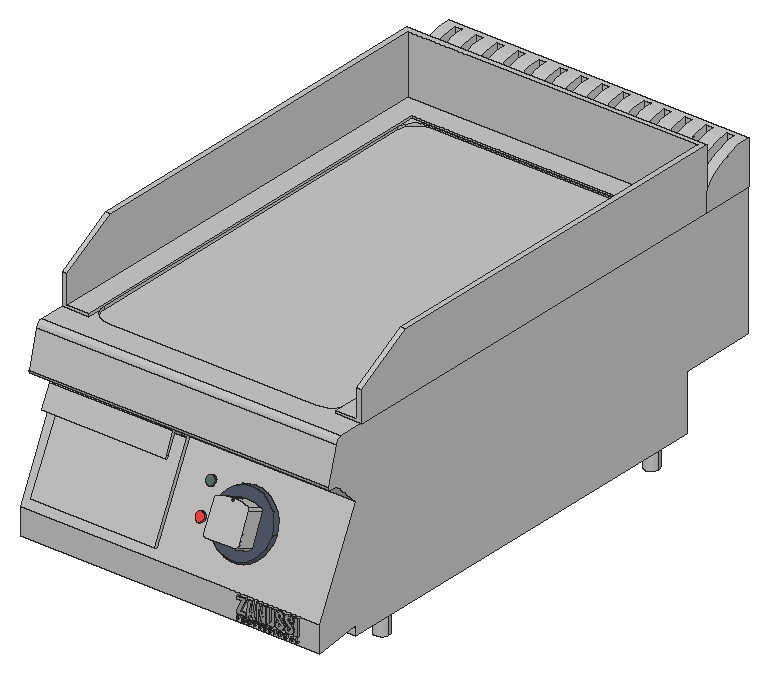
Revit family "QF_ZANUSSI_372325_Z7IIKDAOMCA", category Specialty Equipment, Revit 2018
Family settings
  Round Connector Dimension = Use Diameter
  Part Type = Normal
  Work Plane-Based = No
  Always vertical = Yes
  Cut with Voids When Loaded = No
  Shared = No
  Room Calculation Point = No
Parameters (values of type "Standard")
  Weight = 40.00 kg
  Watts = 0 W
  Volts = 400 V
  URL Manufacturer = "http://www.zanussiprofessional.com"
  URL = "http://www.zanussiprofessional.com"
  Steam Supply Size = 0"
  Steam Supply Minimum Pressure = 0.00 psi
  Steam Supply Maximum Pressure = 0.00 psi
  Steam Pounds per Hour = 0
  Show Logo [instance] = yes
  Show Clearance [instance] = yes
  Refrigeration Suction Line Size = 0"
  Refrigeration Liquid Line Size = 0"
  Refrigerant Compressor Remote = yes
  Phase = 3
  Model = "Z7IIKDAOMCA"
  Manufacturer = "Zanussi"
  Length Actual = 400 mm  # constant formula
  Item Number = "372325"
  Hot Water Size = 0"
  Height Actual = 250 mm  # constant formula
  HP = "5.6 HP"
  Gas Size = 0"
  Gas KW = 0
  Gas Input Pressure = 0.0 Btu/h
  Direct Waste Size = 0"
  Description = "ELECTRIC FRY TOP-SMOOTH PLATE 400MM-BRUSHED CHROME"
  Depth Actual = 700 mm  # constant formula
  Cycle = 60 Hz
  Condensate Return Size = 0"
  Compressed Air Volume = 0 GPM
  Compressed Air Size = 0"
  Compressed Air Pressure = 0.00 psi
  Cold Water Size = 0"
  Assembly Code = ""
  Accessory = yes
Reference planes
  plane 1 "BACK": y = 0
  plane 2: z = 0
  plane 3 "LEFT": x = 0
  plane 4 "RIGHT": x = 400
  plane 5 "FRONT": y = -715
  plane 6 "TOP": z = 288.925
  plane 7 "Center Y": x = 200
  plane 8 "Center X": y = -357.5
  plane 9 "BASE": z = 650
  plane 10 "TOP A": z = 900
  plane 11: y = -597.884
  plane 12: y = -147.637
  plane 13: z = 981
  plane 14: through (-6096, -715, 65.146) normal (0, 0.8956, -0.4448)
  plane 15 "panel": through (-6096, -655.161, 185.641) normal (0, -0.8956, 0.4448)
  plane 16: z = 900
Forms (mm)
  Extrusion 1, solid, material "QF_Finishes_Stainless Steel"
    sketch origin (0, 0, 626) x (0, 1, 0) y (0, 0, 1)
      loop
        line (0, 98) -> (0, 274) -> (-679.358, 274)
        arc (-679.358, 274) -> (-684.643, 271.811) -> (-686.833, 266.526) r 7.474
        line (-686.833, 266.526) -> (-699.884, 221.011)
        arc (-699.884, 221.011) -> (-699.396, 218.379) -> (-697, 217.184) r 3
        line (-697, 217.184) -> (-686.802, 217.184) -> (-654.982, 185.364) -> (-715, 64.508) -> (-715, 29.508) -> (-658.645, 37.428)
        arc (-658.645, 37.428) -> (-656.101, 36.674) -> (-655, 34.259) r 3.2
        line (-655, 34.259) -> (-655, 24) -> (-103, 24) -> (-103, 98) -> (0, 98)
    from 0 to 400
  Extrusion 2, void
    sketch origin (0, -2.381, 900) x (-1, 0, 0) y (0, -1, 0)
      loop
        arc (-60.425, 102.504) -> (-42.464, 109.943) -> (-35.025, 127.904) r 25.4
        line (-35.025, 127.904) -> (-35.025, 617.104)
        arc (-35.025, 617.104) -> (-42.464, 635.064) -> (-60.425, 642.504) r 25.4
        line (-60.425, 642.504) -> (-339.575, 642.504)
        arc (-339.575, 642.504) -> (-357.536, 635.064) -> (-364.975, 617.104) r 25.4
        line (-364.975, 617.104) -> (-364.975, 127.904)
        arc (-364.975, 127.904) -> (-357.536, 109.943) -> (-339.575, 102.504) r 25.4
        line (-339.575, 102.504) -> (-60.425, 102.504)
    from 0 to -3.2
  Extrusion 3, solid, material "QF_Finishes_Stainless Steel"
    sketch origin (0, 0, 626) x (1, 0, 0) y (0, 1, 0)
      loop
        circle (11.112, -147.638) r 9.525
      loop
        circle (11.112, -597.884) r 9.525
      loop
        circle (388.887, -147.638) r 9.525
      loop
        circle (388.887, -597.884) r 9.525
    from 0 to 24
  Extrusion 4, solid, material "QF_Finishes_Stainless Steel"
    sketch origin (0.4, -101.6, 103.694) x (0, 0, -1) y (-1, 0, 0)
      loop
        circle (-582.306, -347.613) r 12.7
    from 0 to 3.175
  Extrusion 5, solid, material "QF_Finishes_Clearance", visible <- "Show Clearance", detail levels coarse
    sketch origin (0, 0, 626) x (1, 0, 0) y (0, 1, 0)
      loop
        line (0, -715) -> (0, 0) -> (400, 0) -> (400, -715) -> (550.019, -715) -> (550.019, 150.019) -> (-150.019, 150.019) -> (-150.019, -715) -> (0, -715)
    from 0 to 355
  Extrusion 6, solid, material "QF_Finishes_Stainless Steel"
    sketch origin (0, -14.311, 626) x (0, 1, 0) y (0, 0, 1)
      loop
        line (-640.85, 185.828) -> (-659.988, 204.966)
        arc (-659.988, 204.966) -> (-664.455, 206.368) -> (-668.159, 203.504) r 5.058
        line (-668.159, 203.504) -> (-680.821, 175.994) -> (-677.937, 174.666) -> (-665.275, 202.176)
        arc (-665.275, 202.176) -> (-663.896, 203.243) -> (-662.233, 202.721) r 1.883
        line (-662.233, 202.721) -> (-644.727, 185.215) -> (-698.248, 77.444) -> (-695.339, 76.105) -> (-640.85, 185.828)
    from 12.7 to 177.8
  Extrusion 7, solid, material "QF_Finishes_Drawer Clearance", visible <- "Show Clearance", detail levels coarse
    sketch origin (0, -115.911, 626) x (0, 1, 0) y (0, 0, 1)
      loop
        line (-662.903, 76.105) -> (-593.739, 76.105) -> (-539.25, 185.828) -> (-558.388, 204.966)
        arc (-558.388, 204.966) -> (-560.449, 206.215) -> (-562.855, 206.368) r 5.058
        line (-562.855, 206.368) -> (-632.019, 206.368)
        arc (-632.019, 206.368) -> (-634.222, 205.39) -> (-635.723, 203.504) r 5.058
        line (-635.723, 203.504) -> (-648.385, 175.994) -> (-645.501, 174.666) -> (-632.839, 202.176)
        arc (-632.839, 202.176) -> (-631.46, 203.243) -> (-629.796, 202.721) r 1.883
        line (-629.796, 202.721) -> (-612.291, 185.215) -> (-665.811, 77.444) -> (-662.903, 76.105)
    from 12.7 to 177.8
  Extrusion 8, solid, material "QF_Finishes_Stainless Steel"
    sketch origin (0, 0, 626) x (0, 1, 0) y (0, 0, 1)
      loop
        line (0, 274) -> (0, 333.13)
        arc (0, 333.13) -> (-38.824, 324.814) -> (-69.85, 300.038) r 86.548
        line (-69.85, 300.038) -> (-69.85, 274) -> (0, 274)
    from 0 to 400.05
  Extrusion 9, void
    sketch origin (0, 0, 900.638) x (-1, 0, 0) y (0, -1, 0)
      loop
        line (-13.453, 6.761) -> (-13.453, 63.911) -> (-22.749, 63.911) -> (-22.749, 6.761) -> (-13.453, 6.761)
    from 25.4 to 63.5
  Extrusion 10, void
    sketch origin (400.05, 0, 900.638) x (1, 0, 0) y (0, 1, 0)
      loop
        line (-13.503, -6.761) -> (-22.799, -6.761) -> (-22.799, -63.911) -> (-13.503, -63.911) -> (-13.503, -6.761)
    from 25.4 to 63.5
  Extrusion 11, void
    sketch origin (27.988, 0, 900.638) x (-1, 0, 0) y (0, -1, 0)
      loop
        line (-13.453, 6.761) -> (-13.453, 63.911) -> (-22.749, 63.911) -> (-22.749, 6.761) -> (-13.453, 6.761)
    from 25.4 to 63.5
  Extrusion 12, void
    sketch origin (55.977, 0, 900.638) x (-1, 0, 0) y (0, -1, 0)
      loop
        line (-13.453, 6.761) -> (-13.453, 63.911) -> (-22.749, 63.911) -> (-22.749, 6.761) -> (-13.453, 6.761)
    from 25.4 to 63.5
  Extrusion 13, void
    sketch origin (83.965, 0, 900.638) x (-1, 0, 0) y (0, -1, 0)
      loop
        line (-13.428, 6.761) -> (-13.428, 63.911) -> (-22.724, 63.911) -> (-22.724, 6.761) -> (-13.428, 6.761)
    from 25.4 to 63.5
  Extrusion 14, void
    sketch origin (111.953, 0, 900.638) x (-1, 0, 0) y (0, -1, 0)
      loop
        line (-13.428, 6.761) -> (-13.428, 63.911) -> (-22.724, 63.911) -> (-22.724, 6.761) -> (-13.428, 6.761)
    from 25.4 to 63.5
  Extrusion 15, void
    sketch origin (139.942, 0, 900.638) x (-1, 0, 0) y (0, -1, 0)
      loop
        line (-13.428, 6.761) -> (-13.428, 63.911) -> (-22.724, 63.911) -> (-22.724, 6.761) -> (-13.428, 6.761)
    from 25.4 to 63.5
  Extrusion 16, void
    sketch origin (167.93, 0, 900.638) x (-1, 0, 0) y (0, -1, 0)
      loop
        line (-13.428, 6.761) -> (-13.428, 63.911) -> (-22.724, 63.911) -> (-22.724, 6.761) -> (-13.428, 6.761)
    from 25.4 to 63.5
  Extrusion 17, void
    sketch origin (195.918, 0, 900.638) x (-1, 0, 0) y (0, -1, 0)
      loop
        line (-13.428, 6.761) -> (-13.428, 63.911) -> (-22.724, 63.911) -> (-22.724, 6.761) -> (-13.428, 6.761)
    from 25.4 to 63.5
  Extrusion 18, void
    sketch origin (223.907, 0, 900.638) x (-1, 0, 0) y (0, -1, 0)
      loop
        line (-13.428, 6.761) -> (-13.428, 63.911) -> (-22.724, 63.911) -> (-22.724, 6.761) -> (-13.428, 6.761)
    from 25.4 to 63.5
  Extrusion 19, void
    sketch origin (251.895, 0, 900.638) x (-1, 0, 0) y (0, -1, 0)
      loop
        line (-13.428, 6.761) -> (-13.428, 63.911) -> (-22.724, 63.911) -> (-22.724, 6.761) -> (-13.428, 6.761)
    from 25.4 to 63.5
  Extrusion 20, void
    sketch origin (279.884, 0, 900.638) x (-1, 0, 0) y (0, -1, 0)
      loop
        line (-13.403, 6.761) -> (-13.403, 63.911) -> (-22.699, 63.911) -> (-22.699, 6.761) -> (-13.403, 6.761)
    from 25.4 to 63.5
  Extrusion 21, void
    sketch origin (307.872, 0, 900.638) x (-1, 0, 0) y (0, -1, 0)
      loop
        line (-13.403, 6.761) -> (-13.403, 63.911) -> (-22.699, 63.911) -> (-22.699, 6.761) -> (-13.403, 6.761)
    from 25.4 to 63.5
  Extrusion 22, void
    sketch origin (335.86, 0, 900.638) x (-1, 0, 0) y (0, -1, 0)
      loop
        line (-13.403, 6.761) -> (-13.403, 63.911) -> (-22.699, 63.911) -> (-22.699, 6.761) -> (-13.403, 6.761)
    from 25.4 to 63.5
  Sweep 23, solid, material "QF_Finishes_Stainless Steel"
    path origin (0, -2.381, 900) x (-1, 0, 0) y (0, -1, 0)
      loop
        line (-364.975, 642.504) -> (-364.975, 102.504) -> (-35.025, 102.504) -> (-35.025, 642.504)
    profile origin (35.025, -374.885, 900) x (1, 0, 0) y (0, 0, 1)
      loop
        line (-35.025, 0) -> (0, 0) -> (0, 3.175) -> (-28.675, 3.175) -> (-28.675, 81) -> (-35.025, 81) -> (-35.025, 0)
  Extrusion 24, void
    sketch origin (0, -69.86, 900) x (0, 1, 0) y (0, 0, 1)
      loop
        line (-575.025, 40.481) -> (-501.995, 81) -> (-575.025, 81) -> (-575.025, 40.481)
    from 0 to 6.35
  Extrusion 25, void
    sketch origin (400, -644.885, 900) x (0, -1, 0) y (0, 0, 1)
      loop
        line (0, 40.481) -> (0, 81) -> (-73.03, 81) -> (0, 40.481)
    from 0 to 6.35
  Blend 26, solid, material "QF_Finishes_Navy Blue"
    base sketch origin (275, -684.088, 753.392) x (1, 0, 0) y (0, 0.444781, 0.895639)
      loop
        circle (0, 0) r 42.5
    top sketch origin (275, -684.088, 753.392) x (1, 0, 0) y (0, 0.444781, 0.895639)
      loop
        circle (0, 0) r 40.5
    from 0 to 5
  Extrusion 27, solid, material "QF_Finishes_Stainless Steel"
    sketch origin (275, -684.088, 753.392) x (1, 0, 0) y (0, 0.444781, 0.895639)
      loop
        arc (-21.147, 22.789) -> (-22.494, 21.685) -> (-23, 20.019) r 2.997
        line (-23, 20.019) -> (-23, -20.019)
        arc (-23, -20.019) -> (-22.122, -22.138) -> (-20.003, -23.016) r 2.997
        line (-20.003, -23.016) -> (20.003, -23.016)
        arc (20.003, -23.016) -> (22.122, -22.138) -> (23, -20.019) r 2.997
        line (23, -20.019) -> (23, 20.019)
        arc (23, 20.019) -> (22.494, 21.685) -> (21.147, 22.789) r 2.997
        arc (21.147, 22.789) -> (0, 26.984) -> (-21.147, 22.789) r 55.4
    from 10 to 34
  Extrusion 28, solid, material "QF_Plastic-Black-Matte"
    sketch origin (355, -684.088, 753.392) x (0, 0.444781, 0.895639) y (0, -0.895639, 0.444781)
      loop
        line (26.984, 34) -> (26.984, 19) -> (27.984, 19) -> (27.984, 34)
        arc (27.984, 34) -> (27.691, 34.707) -> (26.984, 35) r 1
        line (26.984, 35) -> (23.984, 35) -> (23.984, 34) -> (26.984, 34)
    from -81 to -79
  Extrusion 29, solid, material "QF_Finishes_Red"
    sketch origin (275, -688.536, 744.436) x (1, 0, 0) y (0, 0.444781, 0.895639)
      loop
        circle (-55.001, 0) r 6
    from 0 to 1.6
  Extrusion 30, solid, material "QF_Finishes_Stainless Steel"
    sketch origin (275, -684.088, 753.392) x (1, 0, 0) y (0, 0.444781, 0.895639)
      loop
        line (17.5, 17.5) -> (-17.5, 17.5) -> (-17.5, -17.5) -> (17.5, -17.5) -> (17.5, 17.5)
    from 5 to 10
  Extrusion 31, solid, material "QF_Finishes_DarkGreen"
    sketch origin (275, -670.744, 780.262) x (1, 0, 0) y (0, 0.444781, 0.895639)
      loop
        circle (-55.001, 0) r 6
    from 0 to 1.6
Cuts and joins
  Extrusion 2 cuts Extrusion 1
  Extrusion 9, Extrusion 10, Extrusion 11, Extrusion 12, Extrusion 13, Extrusion 14, Extrusion 15, Extrusion 16, Extrusion 17, Extrusion 18, Extrusion 19, Extrusion 20, Extrusion 21, Extrusion 22 cuts Extrusion 8
  Extrusion 24, Extrusion 25 cuts Sweep 23
Lines and regions (mm)
  Split face 1
    outline origin (276.664, -683.893, 765.026) x (1, 0, 0) y (0, 0.444781, 0.895639)
      loop
        circle (-34, 0) r 1.5
  Split face 2
    outline origin (273.297, -686.678, 759.419) x (1, 0, 0) y (0, 0.444781, 0.895639)
      loop
        circle (-30.633, -14.752) r 1.5
  Split face 3
    outline origin (276.214, -688.977, 754.788) x (1, 0, 0) y (0, 0.444781, 0.895639)
      loop
        circle (-21.199, -26.582) r 1.5
  Split face 4
    outline origin (282.566, -688.945, 754.853) x (1, 0, 0) y (0, 0.444781, 0.895639)
      loop
        circle (-7.566, -33.148) r 1.5
  Split face 5
    outline origin (287.419, -686.057, 760.669) x (1, 0, 0) y (0, 0.444781, 0.895639)
      loop
        circle (7.566, -33.148) r 1.5
  Split face 6
    outline origin (286.137, -681.416, 770.014) x (1, 0, 0) y (0, 0.444781, 0.895639)
      loop
        circle (21.199, -26.582) r 1.5
  Split face 7
    outline origin (276.5, -677.361, 778.18) x (1, 0, 0) y (0, 0.444781, 0.895639)
      loop
        circle (30.633, -14.752) r 1.5
  Split face 8
    outline origin (260.985, -676.331, 780.252) x (1, 0, 0) y (0, 0.444781, 0.895639)
      loop
        circle (34, 0) r 1.5
  Split face 9
    outline origin (275, -688.566, 755.616) x (1, 0, 0) y (0, 0.444781, 0.895639)
      loop
        circle (0, 33.561) r 1.5
  symbolic lines, style "QF-Clearances", visible <- "Show Clearance", detail levels coarse
    curve 1: line (-150.019, 150.019, 900) -> (-150.019, -715, 900)
    curve 2: line (550.019, 150.019, 900) -> (-150.019, 150.019, 900)
    curve 3: line (550.019, -716.377, 900) -> (550.019, 150.019, 900)
  symbolic lines
    curve 4: line (0, 0, 900) -> (400, 0, 900)
    curve 5: line (0, -715, 900) -> (0, 0, 900)
    curve 6: line (400, 0, 900) -> (400, -715, 900)
    curve 7: line (35.025, -130.285, 900) -> (35.025, -644.885, 900)
    curve 8: arc (35.025, -619.485, 900) -> (42.464, -637.445, 900) -> (60.425, -644.885, 900) r 25.4
    curve 9: line (0, -644.885, 900) -> (35.025, -644.885, 900)
    curve 10: arc (339.575, -644.885, 900) -> (357.536, -637.445, 900) -> (364.975, -619.485, 900) r 25.4
    curve 11: line (364.975, -644.885, 900) -> (364.975, -130.285, 900)
    curve 12: line (339.575, -104.885, 900) -> (60.425, -104.885, 900)
    curve 13: line (0, -69.85, 900) -> (400, -69.85, 900)
    curve 14: arc (60.425, -104.885, 900) -> (42.464, -112.324, 900) -> (35.025, -130.285, 900) r 25.4
    curve 15: arc (339.575, -104.885, 900) -> (357.536, -112.324, 900) -> (364.975, -130.285, 900) r 25.4
    curve 16: line (6.35, -76.21, 900) -> (6.35, -644.885, 900)
    curve 17: line (6.35, -76.21, 900) -> (393.65, -76.21, 900)
    curve 18: line (393.65, -76.21, 900) -> (393.65, -644.885, 900)
    curve 19: line (13.428, -6.761, 900) -> (22.724, -6.761, 900)
    curve 20: line (13.428, -63.911, 900) -> (13.428, -6.761, 900)
    curve 21: line (22.724, -63.911, 900) -> (13.428, -63.911, 900)
    curve 22: line (22.724, -6.761, 900) -> (22.724, -63.911, 900)
    curve 23: line (41.416, -6.761, 900) -> (50.712, -6.761, 900)
    curve 24: line (41.416, -63.911, 900) -> (41.416, -6.761, 900)
    curve 25: line (50.712, -63.911, 900) -> (41.416, -63.911, 900)
    curve 26: line (50.712, -6.761, 900) -> (50.712, -63.911, 900)
    curve 27: line (69.405, -6.761, 900) -> (78.7, -6.761, 900)
    curve 28: line (69.405, -63.911, 900) -> (69.405, -6.761, 900)
    curve 29: line (78.7, -63.911, 900) -> (69.405, -63.911, 900)
    curve 30: line (78.7, -6.761, 900) -> (78.7, -63.911, 900)
    curve 31: line (97.393, -6.761, 900) -> (106.689, -6.761, 900)
    curve 32: line (97.393, -63.911, 900) -> (97.393, -6.761, 900)
    curve 33: line (106.689, -63.911, 900) -> (97.393, -63.911, 900)
    curve 34: line (106.689, -6.761, 900) -> (106.689, -63.911, 900)
    curve 35: line (125.381, -6.761, 900) -> (134.677, -6.761, 900)
    curve 36: line (125.381, -63.911, 900) -> (125.381, -6.761, 900)
    curve 37: line (134.677, -63.911, 900) -> (125.381, -63.911, 900)
    curve 38: line (134.677, -6.761, 900) -> (134.677, -63.911, 900)
    curve 39: line (153.37, -6.761, 900) -> (162.665, -6.761, 900)
    curve 40: line (153.37, -63.911, 900) -> (153.37, -6.761, 900)
    curve 41: line (162.665, -63.911, 900) -> (153.37, -63.911, 900)
    curve 42: line (162.665, -6.761, 900) -> (162.665, -63.911, 900)
    curve 43: line (181.358, -6.761, 900) -> (190.654, -6.761, 900)
    curve 44: line (181.358, -63.911, 900) -> (181.358, -6.761, 900)
    curve 45: line (190.654, -63.911, 900) -> (181.358, -63.911, 900)
    curve 46: line (190.654, -6.761, 900) -> (190.654, -63.911, 900)
    curve 47: line (209.346, -6.761, 900) -> (218.642, -6.761, 900)
    curve 48: line (209.346, -63.911, 900) -> (209.346, -6.761, 900)
    curve 49: line (218.642, -63.911, 900) -> (209.346, -63.911, 900)
    curve 50: line (218.642, -6.761, 900) -> (218.642, -63.911, 900)
    curve 51: line (237.31, -6.761, 900) -> (246.605, -6.761, 900)
    curve 52: line (237.31, -63.911, 900) -> (237.31, -6.761, 900)
    curve 53: line (246.605, -63.911, 900) -> (237.31, -63.911, 900)
    curve 54: line (246.605, -6.761, 900) -> (246.605, -63.911, 900)
    curve 55: line (265.298, -6.761, 900) -> (274.594, -6.761, 900)
    curve 56: line (265.298, -63.911, 900) -> (265.298, -6.761, 900)
    curve 57: line (274.594, -63.911, 900) -> (265.298, -63.911, 900)
    curve 58: line (274.594, -6.761, 900) -> (274.594, -63.911, 900)
    curve 59: line (293.286, -6.761, 900) -> (302.582, -6.761, 900)
    curve 60: line (293.286, -63.911, 900) -> (293.286, -6.761, 900)
    curve 61: line (302.582, -63.911, 900) -> (293.286, -63.911, 900)
    curve 62: line (302.582, -6.761, 900) -> (302.582, -63.911, 900)
    curve 63: line (321.275, -6.761, 900) -> (330.57, -6.761, 900)
    curve 64: line (321.275, -63.911, 900) -> (321.275, -6.761, 900)
    curve 65: line (330.57, -63.911, 900) -> (321.275, -63.911, 900)
    curve 66: line (330.57, -6.761, 900) -> (330.57, -63.911, 900)
    curve 67: line (349.263, -6.761, 900) -> (358.559, -6.761, 900)
    curve 68: line (349.263, -63.911, 900) -> (349.263, -6.761, 900)
    curve 69: line (358.559, -63.911, 900) -> (349.263, -63.911, 900)
    curve 70: line (358.559, -6.761, 900) -> (358.559, -63.911, 900)
    curve 71: line (377.251, -6.761, 900) -> (386.547, -6.761, 900)
    curve 72: line (377.251, -63.911, 900) -> (377.251, -6.761, 900)
    curve 73: line (386.547, -63.911, 900) -> (377.251, -63.911, 900)
    curve 74: line (386.547, -6.761, 900) -> (386.547, -63.911, 900)
    curve 75: line (364.975, -644.885, 900) -> (400, -644.885, 900)
    curve 76: line (60.425, -644.885, 900) -> (339.575, -644.885, 900)
    curve 80: line (0.05, -700, 0) -> (400, -700, 0)
    curve 81: line (298.025, -700, 0) -> (298.025, -724.347, 0)
    curve 82: arc (298.025, -724.347, 0) -> (297.879, -724.811, 0) -> (297.493, -725.107, 0) r 0.809
    curve 83: arc (297.493, -725.107, 0) -> (296.305, -725.587, 0) -> (295.028, -725.68, 0) r 4.127
    curve 84: arc (298.025, -704.292, 0) -> (303.066, -702.458, 0) -> (307.834, -700, 0) r 42.24
    curve 85: arc (298.025, -706.539, 0) -> (297.523, -705.818, 0) -> (296.726, -705.448, 0) r 1.682
    curve 86: arc (296.726, -705.448, 0) -> (286.423, -703.95, 0) -> (276.025, -703.441, 0) r 109.079
    curve 87: line (276.025, -700, 0) -> (276.025, -705.671, 0)
    curve 88: line (276.025, -705.671, 0) -> (274.025, -705.671, 0)
    curve 89: line (274.025, -705.671, 0) -> (274.025, -700, 0)
    curve 90: line (252.025, -700, 0) -> (252.025, -724.347, 0)
    curve 91: arc (252.025, -724.347, 0) -> (252.171, -724.811, 0) -> (252.557, -725.107, 0) r 0.809
    curve 92: arc (252.557, -725.107, 0) -> (253.745, -725.587, 0) -> (255.022, -725.68, 0) r 4.127
    curve 93: arc (252.025, -704.292, 0) -> (246.984, -702.458, 0) -> (242.216, -700, 0) r 42.24
    curve 94: arc (252.025, -706.539, 0) -> (252.527, -705.818, 0) -> (253.324, -705.448, 0) r 1.682
    curve 95: arc (253.324, -705.448, 0) -> (263.627, -703.95, 0) -> (274.025, -703.441, 0) r 109.079
    curve 96: line (295.028, -725.68, 0) -> (255.022, -725.68, 0)
    curve 97: line (0, -715, 0) -> (252.025, -715, 0)
    curve 98: line (298.025, -715, 0) -> (400, -715, 0)
    curve 99: line (12.7, -715, 0) -> (12.7, -700, 0)
    curve 100: line (177.775, -715, 0) -> (177.775, -700, 0)
  symbolic lines, style "QF_Drawer Clearance"
    curve 77: line (12.7, -715, 0) -> (12.7, -767.387, 0)
    curve 78: line (12.7, -767.388, 0) -> (177.775, -767.388, 0)
    curve 79: line (177.775, -767.388, 0) -> (177.775, -715, 0)
Dimensions and locks
  equal spacing: plane 3 "LEFT", plane 7 "Center Y", plane 4 "RIGHT"
  plane 3 "LEFT" to plane 4 "RIGHT" = 400 mm
  equal spacing: plane 5 "FRONT", plane 8 "Center X", plane 1 "BACK"
  plane 5 "FRONT" to plane 1 "BACK" = 715 mm
  plane 1 "BACK" to plane 5 "FRONT" = 715 mm
  plane 9 "BASE" to level = 650 mm  (x2)
  plane 10 "TOP A" to plane 9 "BASE" = 250 mm  (x2)
  Sweep 23 sketch curve to level = 981 mm
  plane 13 to level = 981 mm
  plane 16 to level = 900 mm
  aligned and locked: level to plane 2
  aligned and locked: plane 4 "RIGHT" to Extrusion 1
  aligned and locked: plane 9 "BASE" to Extrusion 3
  aligned: plane 6 "TOP" to Extrusion 5
  aligned and locked: Extrusion 5 to plane 13
Automatic sketch dimensions
  plane 1 "BACK" to Extrusion 13 sketch curve = 6.761 mm
  Extrusion 13 sketch curve to plane 7 "Center Y" = 93.311 mm
  Extrusion 13 sketch curve to Extrusion 13 sketch curve = 9.296 mm
  Extrusion 13 sketch curve to Extrusion 13 sketch curve = 57.15 mm
  plane 1 "BACK" to Extrusion 14 sketch curve = 6.761 mm
  Extrusion 14 sketch curve to plane 7 "Center Y" = 65.323 mm
  Extrusion 14 sketch curve to Extrusion 14 sketch curve = 9.296 mm
  Extrusion 14 sketch curve to Extrusion 14 sketch curve = 57.15 mm
  plane 1 "BACK" to Extrusion 15 sketch curve = 6.761 mm
  Extrusion 15 sketch curve to plane 7 "Center Y" = 37.335 mm
  Extrusion 15 sketch curve to Extrusion 15 sketch curve = 9.296 mm
  Extrusion 15 sketch curve to Extrusion 15 sketch curve = 57.15 mm
  Extrusion 16 sketch curve to plane 7 "Center Y" = 9.346 mm
  Extrusion 16 sketch curve to Extrusion 16 sketch curve = 9.296 mm
  plane 1 "BACK" to Extrusion 16 sketch curve = 6.761 mm
  Extrusion 16 sketch curve to Extrusion 16 sketch curve = 57.15 mm
  plane 1 "BACK" to Extrusion 17 sketch curve = 6.761 mm
  plane 7 "Center Y" to Extrusion 17 sketch curve = 18.642 mm
  Extrusion 17 sketch curve to Extrusion 17 sketch curve = 9.296 mm
  Extrusion 17 sketch curve to Extrusion 17 sketch curve = 57.15 mm
  plane 1 "BACK" to Extrusion 18 sketch curve = 6.761 mm
  plane 7 "Center Y" to Extrusion 18 sketch curve = 46.63 mm
  Extrusion 18 sketch curve to Extrusion 18 sketch curve = 9.296 mm
  Extrusion 18 sketch curve to Extrusion 18 sketch curve = 57.15 mm
  plane 1 "BACK" to Extrusion 19 sketch curve = 6.761 mm
  plane 7 "Center Y" to Extrusion 19 sketch curve = 74.619 mm
  Extrusion 19 sketch curve to Extrusion 19 sketch curve = 9.296 mm
  Extrusion 19 sketch curve to Extrusion 19 sketch curve = 57.15 mm
  Extrusion 2 sketch curve to plane 4 "RIGHT" = 35.025 mm
  Extrusion 2 sketch curve to Extrusion 2 sketch curve = 25.4 mm  (x3)
  Extrusion 2 sketch curve to plane 12 = 17.353 mm
  plane 3 "LEFT" to Extrusion 2 sketch curve = 60.425 mm  (x2)
  plane 11 to Extrusion 2 sketch curve = 21.6 mm
  plane 11 to Extrusion 3 sketch curve = 0 mm  (x2)
  plane 12 to Extrusion 3 sketch curve = 0 mm  (x2)
  plane 3 "LEFT" to Extrusion 3 sketch curve = 11.112 mm  (x2)
  Extrusion 3 sketch curve to plane 4 "RIGHT" = 11.113 mm  (x2)
  plane 1 "BACK" to Extrusion 5 sketch curve = 0 mm
  Extrusion 5 sketch curve to plane 3 "LEFT" = 0 mm
  Extrusion 5 sketch curve to plane 4 "RIGHT" = 0 mm
  Extrusion 5 sketch curve to plane 3 "LEFT" = 150.019 mm
  plane 5 "FRONT" to Extrusion 5 sketch curve = 0 mm  (x2)
  plane 4 "RIGHT" to Extrusion 5 sketch curve = 150.019 mm
  Extrusion 5 sketch curve to plane 1 "BACK" = 150.019 mm
  plane 1 "BACK" to curve 5 = 0 mm
  plane 4 "RIGHT" to curve 3 = 150.019 mm
  curve 18 to plane 4 "RIGHT" = 6.35 mm
  curve 74 to plane 4 "RIGHT" = 13.453 mm
  curve 73 to curve 73 = 9.296 mm
  curve 15 to plane 4 "RIGHT" = 35.025 mm
  plane 1 "BACK" to curve 70 = 6.761 mm
  curve 71 to curve 70 = 18.693 mm
  curve 67 to curve 68 = 9.296 mm
  curve 15 to curve 15 = 25.4 mm
  curve 68 to curve 66 = 18.693 mm
  curve 63 to curve 63 = 9.296 mm
  curve 64 to curve 62 = 18.693 mm
  curve 61 to curve 61 = 9.296 mm
  curve 60 to curve 58 = 18.693 mm
  curve 55 to curve 56 = 9.296 mm
  plane 1 "BACK" to curve 51 = 6.761 mm
  curve 55 to curve 51 = 18.693 mm
  curve 53 to curve 53 = 9.296 mm
  plane 1 "BACK" to curve 50 = 6.761 mm
  plane 7 "Center Y" to curve 50 = 18.642 mm
  curve 49 to curve 49 = 9.296 mm
  curve 46 to plane 7 "Center Y" = 9.346 mm
  curve 43 to curve 44 = 9.296 mm
  plane 1 "BACK" to curve 39 = 6.761 mm
  curve 43 to curve 39 = 18.693 mm
  curve 39 to curve 40 = 9.296 mm
  curve 40 to curve 38 = 18.693 mm
  curve 37 to curve 36 = 9.296 mm
  curve 36 to curve 33 = 18.693 mm
  curve 31 to curve 32 = 9.296 mm
  curve 32 to curve 30 = 18.693 mm
  curve 29 to curve 28 = 9.296 mm
  curve 14 to plane 12 = 17.353 mm
  plane 3 "LEFT" to curve 14 = 60.425 mm
  curve 28 to curve 25 = 18.693 mm
  curve 25 to curve 25 = 9.296 mm
  plane 1 "BACK" to curve 19 = 6.761 mm
  curve 23 to curve 19 = 18.693 mm
  curve 19 to curve 20 = 9.296 mm
  plane 3 "LEFT" to curve 16 = 6.35 mm
  plane 5 "FRONT" to curve 1 = 0 mm
  curve 1 to plane 3 "LEFT" = 150.019 mm
  curve 2 to plane 1 "BACK" = 150.019 mm
  plane 1 "BACK" to curve 71 = 6.761 mm
  plane 1 "BACK" to curve 66 = 6.761 mm
  plane 1 "BACK" to curve 62 = 6.761 mm
  plane 1 "BACK" to curve 58 = 6.761 mm
  plane 1 "BACK" to curve 46 = 6.761 mm
  plane 1 "BACK" to curve 38 = 6.761 mm
  plane 1 "BACK" to curve 34 = 6.761 mm
  plane 1 "BACK" to curve 30 = 6.761 mm
  plane 1 "BACK" to curve 23 = 6.761 mm
  curve 25 to curve 14 = 40.974 mm
  curve 22 to curve 24 = 0 mm
  curve 25 to curve 28 = 0 mm
  curve 73 to curve 12 = 40.974 mm
  curve 29 to curve 32 = 0 mm
  curve 70 to curve 72 = 0 mm
  curve 33 to curve 36 = 0 mm
  curve 66 to curve 68 = 0 mm
  curve 37 to curve 40 = 0 mm
  curve 62 to curve 64 = 0 mm
  curve 41 to curve 44 = 0 mm
  curve 58 to curve 60 = 0 mm
  curve 45 to curve 48 = 0 mm
  curve 54 to curve 56 = 0 mm
  curve 73 to curve 13 = 5.939 mm
  curve 13 to curve 17 = 6.36 mm
  plane 11 to curve 10 = 21.6 mm
  plane 5 "FRONT" to curve 3 = 1.377 mm
  Extrusion 8 sketch curve to plane 10 "TOP A" = 0 mm
  Extrusion 8 sketch curve to plane 1 "BACK" = 0 mm
  plane 1 "BACK" to Extrusion 8 sketch curve = 1.769 mm
  plane 6 "TOP" to Extrusion 8 sketch curve = 637.113 mm
  plane 1 "BACK" to Extrusion 8 sketch curve = 69.85 mm
  Extrusion 8 sketch curve to plane 10 "TOP A" = 27.4 mm
  plane 1 "BACK" to Extrusion 9 sketch curve = 6.761 mm
  plane 3 "LEFT" to Extrusion 9 sketch curve = 22.749 mm
  Extrusion 9 sketch curve to Extrusion 9 sketch curve = 9.296 mm
  Extrusion 9 sketch curve to Extrusion 9 sketch curve = 57.15 mm
  Extrusion 10 sketch curve to plane 1 "BACK" = 6.761 mm
  plane 4 "RIGHT" to Extrusion 10 sketch curve = 22.749 mm
  Extrusion 10 sketch curve to Extrusion 10 sketch curve = 9.296 mm
  Extrusion 10 sketch curve to Extrusion 10 sketch curve = 57.15 mm
  plane 1 "BACK" to Extrusion 11 sketch curve = 6.761 mm
  plane 3 "LEFT" to Extrusion 11 sketch curve = 50.737 mm
  Extrusion 11 sketch curve to Extrusion 11 sketch curve = 9.296 mm
  Extrusion 11 sketch curve to Extrusion 11 sketch curve = 57.15 mm
  plane 1 "BACK" to Extrusion 12 sketch curve = 6.761 mm
  plane 3 "LEFT" to Extrusion 12 sketch curve = 78.725 mm
  Extrusion 12 sketch curve to Extrusion 12 sketch curve = 9.296 mm
  Extrusion 12 sketch curve to Extrusion 12 sketch curve = 57.15 mm
  plane 1 "BACK" to Extrusion 20 sketch curve = 6.761 mm
  Extrusion 20 sketch curve to plane 4 "RIGHT" = 97.418 mm
  Extrusion 20 sketch curve to Extrusion 20 sketch curve = 9.296 mm
  Extrusion 20 sketch curve to Extrusion 20 sketch curve = 57.15 mm
  plane 1 "BACK" to Extrusion 21 sketch curve = 6.761 mm
  Extrusion 21 sketch curve to plane 4 "RIGHT" = 69.43 mm
  Extrusion 21 sketch curve to Extrusion 21 sketch curve = 9.296 mm
  Extrusion 21 sketch curve to Extrusion 21 sketch curve = 57.15 mm
  plane 1 "BACK" to Extrusion 22 sketch curve = 6.761 mm
  Extrusion 22 sketch curve to plane 4 "RIGHT" = 41.441 mm
  Extrusion 22 sketch curve to Extrusion 22 sketch curve = 9.296 mm
  Extrusion 22 sketch curve to Extrusion 22 sketch curve = 57.15 mm
  Sweep 23 sketch curve to plane 4 "RIGHT" = 35.025 mm
  plane 3 "LEFT" to Sweep 23 sketch curve = 35.025 mm
  Sweep 23 sketch curve to plane 12 = 42.753 mm
  plane 11 to Sweep 23 sketch curve = 47 mm  (x2)
  Sweep 23 sketch curve to plane 10 "TOP A" = 0 mm
  profile plane to Sweep 23 sketch curve = 0 mm
  profile plane to Sweep 23 sketch curve = 28.675 mm
  Sweep 23 sketch curve to Sweep 23 sketch curve = 6.35 mm
  plane 10 "TOP A" to Sweep 23 sketch curve = 3.175 mm
  Extrusion 24 sketch curve to Sweep 23 = 0 mm  (x2)
  Extrusion 24 sketch curve to Extrusion 24 sketch curve = 73.03 mm
  Extrusion 24 sketch curve to Sweep 23 = 40.481 mm
  Sweep 23 to Extrusion 25 sketch curve = 0 mm
  Extrusion 25 sketch curve to Sweep 23 = 0 mm
  Extrusion 25 sketch curve to Extrusion 25 sketch curve = 73.03 mm
  Extrusion 25 sketch curve to Sweep 23 = 40.481 mm
  plane 11 to curve 8 = 21.6 mm
  curve 10 to curve 11 = 25.4 mm
  curve 16 to curve 76 = 0 mm
  curve 75 to curve 76 = 25.4 mm
  curve 14 to curve 14 = 25.4 mm
  Extrusion 6 sketch curve to Extrusion 6 sketch curve = 0 mm  (x2)
  Extrusion 6 sketch curve to plane 5 "FRONT" = 2.441 mm
  Extrusion 6 sketch curve to plane 5 "FRONT" = 19.868 mm
  Extrusion 6 sketch curve to Extrusion 6 sketch curve = 2.884 mm  (x2)
  Extrusion 6 sketch curve to Extrusion 6 sketch curve = 12.662 mm
  Extrusion 6 sketch curve to Extrusion 6 sketch curve = 1.711 mm
  Extrusion 6 sketch curve to Extrusion 6 sketch curve = 1.332 mm
  Extrusion 6 sketch curve to Extrusion 6 sketch curve = 2.245 mm
  Extrusion 6 sketch curve to Extrusion 6 sketch curve = 17.505 mm
  plane 9 "BASE" to Extrusion 6 sketch curve = 52.105 mm
  Extrusion 6 sketch curve to Extrusion 6 sketch curve = 1.339 mm
  Extrusion 6 sketch curve to Extrusion 6 sketch curve = 10.549 mm
  Extrusion 6 sketch curve to Extrusion 6 sketch curve = 1.327 mm
  Extrusion 6 sketch curve to Extrusion 6 sketch curve = 0.787 mm
  Extrusion 6 sketch curve to Extrusion 6 sketch curve = 0.613 mm
  Extrusion 6 sketch curve to Extrusion 6 sketch curve = 97.223 mm
  Extrusion 6 sketch curve to Extrusion 6 sketch curve = 2.908 mm
  Extrusion 6 sketch curve to Extrusion 6 sketch curve = 3.877 mm
  Extrusion 7 sketch curve to Extrusion 7 sketch curve = 0 mm  (x2)
  plane 5 "FRONT" to Extrusion 7 sketch curve = 66.723 mm
  Extrusion 7 sketch curve to Extrusion 7 sketch curve = 2.908 mm
  plane 5 "FRONT" to Extrusion 7 sketch curve = 49.296 mm
  Extrusion 7 sketch curve to Extrusion 7 sketch curve = 2.884 mm  (x2)
  Extrusion 7 sketch curve to Extrusion 7 sketch curve = 12.662 mm
  Extrusion 7 sketch curve to Extrusion 7 sketch curve = 0.82 mm
  Extrusion 7 sketch curve to Extrusion 7 sketch curve = 1.711 mm
  Extrusion 7 sketch curve to Extrusion 7 sketch curve = 1.332 mm
  plane 5 "FRONT" to Extrusion 7 sketch curve = 13.202 mm
  Extrusion 7 sketch curve to plane 5 "FRONT" = 5.349 mm
  Extrusion 7 sketch curve to plane 5 "FRONT" = 37.125 mm
  Extrusion 7 sketch curve to Extrusion 7 sketch curve = 3.577 mm
  Extrusion 7 sketch curve to Extrusion 7 sketch curve = 19.137 mm
  plane 9 "BASE" to Extrusion 7 sketch curve = 52.105 mm
  Extrusion 7 sketch curve to Extrusion 7 sketch curve = 1.339 mm
  Extrusion 7 sketch curve to Extrusion 7 sketch curve = 97.223 mm
  Extrusion 7 sketch curve to Extrusion 7 sketch curve = 1.327 mm
  Extrusion 7 sketch curve to Extrusion 7 sketch curve = 16.961 mm
  Extrusion 7 sketch curve to Extrusion 7 sketch curve = 0.613 mm
  Extrusion 7 sketch curve to Extrusion 7 sketch curve = 0.787 mm
  Extrusion 7 sketch curve to Extrusion 7 sketch curve = 1.402 mm
  Extrusion 7 sketch curve to Extrusion 7 sketch curve = 4.467 mm
  curve 6 to plane 4 "RIGHT" = 0 mm
  curve 5 to plane 3 "LEFT" = 0 mm
  plane 5 "FRONT" to curve 5 = 0 mm
  plane 5 "FRONT" to curve 6 = 0 mm
  curve 97 to plane 3 "LEFT" = 0 mm
  plane 5 "FRONT" to curve 100 = 0 mm
  plane 5 "FRONT" to curve 98 = 0 mm
  curve 80 to plane 4 "RIGHT" = 0 mm
  curve 98 to plane 4 "RIGHT" = 0 mm
  plane 3 "LEFT" to curve 78 = 12.7 mm
  curve 79 to plane 7 "Center Y" = 22.225 mm
  plane 5 "FRONT" to curve 90 = 9.347 mm
  plane 7 "Center Y" to curve 90 = 52.025 mm
  curve 91 to curve 91 = 0.809 mm
  curve 94 to curve 94 = 1.583 mm
  curve 91 to curve 92 = 1.846 mm
  curve 91 to curve 96 = 2.189 mm
  curve 90 to curve 93 = 11.892 mm
  curve 89 to plane 5 "FRONT" = 9.329 mm
  curve 94 to curve 89 = 20.417 mm
  plane 7 "Center Y" to curve 95 = 74.156 mm
  curve 95 to curve 86 = 1.738 mm
  curve 88 to curve 88 = 2 mm
  curve 93 to curve 84 = 22.215 mm
  curve 87 to curve 96 = 19.003 mm
  curve 83 to curve 83 = 0.343 mm
  curve 83 to curve 85 = 1.071 mm
  curve 83 to curve 82 = 2.189 mm
  curve 82 to curve 81 = 0.809 mm
  plane 5 "FRONT" to curve 96 = 10.68 mm
  curve 77 to curve 77 = 52.388 mm
  curve 86 to curve 96 = 86.839 mm
  curve 95 to curve 86 = 0 mm
  curve 83 to curve 81 = 1.333 mm
  curve 82 to curve 83 = 2.779 mm
  curve 91 to curve 92 = 2.779 mm
  curve 85 to plane 5 "FRONT" = 7.894 mm
  curve 94 to plane 5 "FRONT" = 7.894 mm
  curve 93 to curve 84 = 0 mm
  plane 3 "LEFT" to curve 80 = 0.05 mm
  curve 99 to curve 77 = 0 mm
  curve 100 to curve 79 = 0 mm
  curve 93 to curve 90 = 9.809 mm
  curve 95 to curve 94 = 0.284 mm
  curve 85 to curve 86 = 0.284 mm
  curve 81 to curve 84 = 9.809 mm
  curve 85 to curve 85 = 0.567 mm
  curve 94 to curve 94 = 0.567 mm
  curve 95 to curve 93 = 1.156 mm
  curve 100 to curve 100 = 15 mm
  Extrusion 1 sketch curve to plane 8 "Center X" = 357.5 mm
  Extrusion 1 sketch curve to plane 13 = 133.989 mm
  Extrusion 1 sketch curve to plane 8 "Center X" = 342.384 mm
  Extrusion 1 sketch curve to Extrusion 1 sketch curve = 2.884 mm
  Extrusion 1 sketch curve to Extrusion 1 sketch curve = 13.051 mm
  Extrusion 1 sketch curve to plane 13 = 137.816 mm
  Extrusion 1 sketch curve to Extrusion 1 sketch curve = 10.198 mm
  Extrusion 1 sketch curve to Extrusion 1 sketch curve = 7.474 mm
  Extrusion 1 sketch curve to Extrusion 1 sketch curve = 56.355 mm
  Extrusion 1 sketch curve to Extrusion 1 sketch curve = 0.445 mm
  Extrusion 1 sketch curve to Extrusion 1 sketch curve = 3.2 mm
  Extrusion 1 sketch curve to plane 13 = 169.636 mm
  Extrusion 1 sketch curve to Extrusion 1 sketch curve = 31.82 mm
  Extrusion 1 sketch curve to plane 10 "TOP A" = 250 mm
  plane 1 "BACK" to Extrusion 1 sketch curve = 103 mm
  Extrusion 1 sketch curve to plane 13 = 81 mm
  Extrusion 1 sketch curve to Extrusion 1 sketch curve = 103 mm
  Extrusion 1 sketch curve to Extrusion 1 sketch curve = 5.508 mm
  Extrusion 1 sketch curve to Extrusion 1 sketch curve = 10.259 mm
  Extrusion 1 sketch curve to Extrusion 1 sketch curve = 35 mm
  Extrusion 1 sketch curve to plane 10 "TOP A" = 176 mm
  plane 3 "LEFT" to Blend 26 sketch curve = 275 mm  (x2)
  plane 3 "LEFT" to Extrusion 27 sketch curve = 252 mm
  Extrusion 27 sketch curve to Extrusion 27 sketch curve = 2.997 mm  (x3)
  Extrusion 27 sketch curve to Extrusion 27 sketch curve = 20.003 mm  (x2)
  Extrusion 27 sketch curve to Extrusion 27 sketch curve = 40.005 mm
  Extrusion 27 sketch curve to Extrusion 27 sketch curve = 5.399 mm
  Extrusion 27 sketch curve to Extrusion 27 sketch curve = 40.037 mm
  Extrusion 27 sketch curve to Extrusion 27 sketch curve = 0 mm  (x2)
  Extrusion 28 sketch curve to plane 14 = 313.433 mm
  Extrusion 28 sketch curve to plane 5 "FRONT" = 10.233 mm
  Extrusion 28 sketch curve to Extrusion 28 sketch curve = 3 mm
  Extrusion 28 sketch curve to Extrusion 28 sketch curve = 0 mm  (x2)
  Extrusion 28 sketch curve to Extrusion 28 sketch curve = 1 mm
  Extrusion 28 sketch curve to Extrusion 28 sketch curve = 15 mm
  plane 3 "LEFT" to Extrusion 29 sketch curve = 219.999 mm
  plane 3 "LEFT" to Extrusion 30 sketch curve = 257.5 mm
  Extrusion 30 sketch curve to Extrusion 30 sketch curve = 35 mm  (x2)
  plane 3 "LEFT" to Extrusion 31 sketch curve = 219.999 mm
  plane 9 "BASE" to Extrusion 4 sketch curve = 36 mm
  Extrusion 4 sketch curve to plane 4 "RIGHT" = 51.988 mm
  radius of Extrusion 3 sketch curve = 9.525 mm  (x4)
  radius of Extrusion 4 sketch curve = 12.7 mm
  radius of Blend 26 sketch curve = 42.5 mm
  radius of Blend 26 sketch curve = 40.5 mm
  radius of Extrusion 29 sketch curve = 6 mm
  radius of Split face 1 sketch curve = 1.5 mm
  radius of Split face 2 sketch curve = 1.5 mm
  radius of Split face 3 sketch curve = 1.5 mm
  radius of Split face 4 sketch curve = 1.5 mm
  radius of Split face 5 sketch curve = 1.5 mm
  radius of Split face 6 sketch curve = 1.5 mm
  radius of Split face 7 sketch curve = 1.5 mm
  radius of Split face 8 sketch curve = 1.5 mm
  radius of Split face 9 sketch curve = 1.5 mm
  radius of Extrusion 31 sketch curve = 6 mm
Nested families
  nested 1: "ZAN_Logo_S_Grey_Professional" at (331.25, -715, 679) x (1, 0, 0) z (0, -1, 0), type "ZAN_Logo_S_Grey_Professional"
Connectors
  electrical at (348.012, -98.425, 686)
    settings: on Extrusion 4, index 1, voltage 0 V, apparent load 0 VA, apparent load phase1 0 VA, apparent load phase2 0 VA, apparent load phase3 0 VA, power factor 1, load classification "Other", number of poles 1, system type 30, power factor state 1, is connector primary yes, connector utility no, sub classification motor no, connector description "Electrical Connector"
Definition of nested family "ZAN_Logo_S_Grey_Professional"
  Parameters (values of type "ZAN_Logo_S_Grey_Professional")
    Default Elevation = 0 mm
    Materiale = none
  Reference planes
    plane 1 "Centro (Fronte/Retro)": y = 0
    plane 2: z = 0
    plane 3 "Centro (Sinistra/Destra)": x = 0
  Forms (mm)
    Extrusion 1, solid
      sketch origin (0, 0, 0) x (1, 0, 0) y (0, 1, 0)
        loop
          line (-1219.2, 1219.2) -> (-1219.2, -1219.2) -> (1219.2, -1219.2) -> (1219.2, 1219.2) -> (-1219.2, 1219.2)
      from 0 to -304.8
    Extrusion 2, solid, material <- "Materiale"
      sketch origin (17.793, -46.218, 0) x (-1, 0, 0) y (0, -1, 0)
        loop
          spline (-1.644, -54.786) -> (-1.034, -55.008) -> (-0.403, -55.173) -> (0.241, -55.279) -> (0.893, -55.327) -> (1.547, -55.314) -> (2.197, -55.242) -> (2.836, -55.109) -> (3.458, -54.916) -> (4.058, -54.662) -> (4.629, -54.345) -> (5.165, -53.967) -> (5.66, -53.526)
          spline (5.66, -53.526) -> (5.954, -53.066) -> (6.206, -52.57) -> (6.417, -52.047) -> (6.588, -51.502) -> (6.718, -50.944) -> (6.809, -50.378) -> (6.86, -49.813) -> (6.872, -49.254) -> (6.846, -48.71) -> (6.782, -48.186) -> (6.68, -47.691) -> (6.541, -47.23)
          line (6.541, -47.23) -> (4.526, -44.334) -> (2.386, -42.445)
          spline (2.386, -42.445) -> (2.16, -42.258) -> (1.927, -42.074) -> (1.689, -41.89) -> (1.448, -41.703) -> (1.207, -41.512) -> (0.969, -41.312) -> (0.736, -41.101) -> (0.511, -40.878) -> (0.296, -40.639) -> (0.095, -40.381) -> (-0.091, -40.103) -> (-0.259, -39.8)
          spline (-0.259, -39.8) -> (-0.29, -39.607) -> (-0.318, -39.405) -> (-0.339, -39.197) -> (-0.352, -38.984) -> (-0.352, -38.771) -> (-0.337, -38.557) -> (-0.304, -38.346) -> (-0.249, -38.14) -> (-0.17, -37.941) -> (-0.063, -37.751) -> (0.074, -37.573) -> (0.245, -37.408)
          line (0.245, -37.408) -> (1.882, -37.282)
          spline (1.882, -37.282) -> (2.188, -37.491) -> (2.42, -37.736) -> (2.586, -38.012) -> (2.698, -38.313) -> (2.765, -38.633) -> (2.795, -38.966) -> (2.799, -39.308) -> (2.787, -39.651) -> (2.767, -39.991) -> (2.751, -40.322) -> (2.746, -40.638) -> (2.763, -40.934)
          line (2.763, -40.934) -> (7.171, -40.934)
          spline (7.171, -40.934) -> (7.223, -40.399) -> (7.252, -39.866) -> (7.257, -39.336) -> (7.236, -38.812) -> (7.187, -38.295) -> (7.108, -37.786) -> (6.997, -37.288) -> (6.854, -36.802) -> (6.675, -36.33) -> (6.46, -35.874) -> (6.206, -35.435) -> (5.912, -35.015)
          spline (5.912, -35.015) -> (5.55, -34.687) -> (5.16, -34.396) -> (4.745, -34.14) -> (4.307, -33.92) -> (3.85, -33.734) -> (3.377, -33.583) -> (2.891, -33.466) -> (2.395, -33.383) -> (1.892, -33.333) -> (1.385, -33.316) -> (0.877, -33.331) -> (0.371, -33.378)
          spline (0.371, -33.378) -> (-0.163, -33.462) -> (-0.693, -33.587) -> (-1.213, -33.752) -> (-1.718, -33.957) -> (-2.205, -34.2) -> (-2.667, -34.48) -> (-3.1, -34.798) -> (-3.5, -35.151) -> (-3.861, -35.539) -> (-4.179, -35.961) -> (-4.449, -36.417) -> (-4.666, -36.904)
          spline (-4.666, -36.904) -> (-4.8, -37.505) -> (-4.888, -38.107) -> (-4.93, -38.709) -> (-4.927, -39.306) -> (-4.881, -39.897) -> (-4.792, -40.477) -> (-4.661, -41.045) -> (-4.489, -41.596) -> (-4.276, -42.128) -> (-4.025, -42.638) -> (-3.735, -43.122) -> (-3.407, -43.578)
          line (-3.407, -43.578) -> (1.63, -48.112) -> (2.26, -48.867)
          spline (2.26, -48.867) -> (2.325, -49.027) -> (2.392, -49.191) -> (2.459, -49.359) -> (2.521, -49.529) -> (2.576, -49.702) -> (2.622, -49.874) -> (2.654, -50.047) -> (2.67, -50.22) -> (2.667, -50.39) -> (2.642, -50.558) -> (2.591, -50.722) -> (2.512, -50.882)
          spline (2.512, -50.882) -> (2.439, -51.029) -> (2.347, -51.157) -> (2.24, -51.266) -> (2.12, -51.358) -> (1.989, -51.434) -> (1.851, -51.496) -> (1.707, -51.545) -> (1.56, -51.582) -> (1.414, -51.608) -> (1.27, -51.625) -> (1.131, -51.635) -> (1.001, -51.638)
          line (1.001, -51.638) -> (-0.259, -50.756) -> (-0.385, -48.112) -> (-4.54, -48.112)
          spline (-4.54, -48.112) -> (-4.545, -48.463) -> (-4.556, -48.822) -> (-4.572, -49.188) -> (-4.587, -49.557) -> (-4.598, -49.929) -> (-4.603, -50.3) -> (-4.597, -50.668) -> (-4.577, -51.031) -> (-4.54, -51.388) -> (-4.482, -51.735) -> (-4.399, -52.071) -> (-4.288, -52.393)
          spline (-4.288, -52.393) -> (-4.176, -52.644) -> (-4.031, -52.894) -> (-3.857, -53.139) -> (-3.659, -53.377) -> (-3.439, -53.607) -> (-3.202, -53.825) -> (-2.952, -54.031) -> (-2.693, -54.221) -> (-2.429, -54.394) -> (-2.163, -54.547) -> (-1.9, -54.678) -> (-1.644, -54.786)
        loop
          spline (-16.755, -52.519) -> (-16.407, -53.083) -> (-15.998, -53.58) -> (-15.535, -54.012) -> (-15.024, -54.38) -> (-14.474, -54.684) -> (-13.89, -54.927) -> (-13.28, -55.11) -> (-12.651, -55.233) -> (-12.009, -55.299) -> (-11.362, -55.308) -> (-10.717, -55.263) -> (-10.081, -55.163)
          spline (-10.081, -55.163) -> (-9.638, -55.08) -> (-9.196, -54.956) -> (-8.761, -54.793) -> (-8.336, -54.594) -> (-7.93, -54.36) -> (-7.547, -54.093) -> (-7.192, -53.794) -> (-6.872, -53.466) -> (-6.592, -53.109) -> (-6.358, -52.726) -> (-6.176, -52.319) -> (-6.051, -51.889)
          spline (-6.051, -51.889) -> (-5.857, -51.316) -> (-5.715, -50.731) -> (-5.626, -50.14) -> (-5.589, -49.548) -> (-5.605, -48.959) -> (-5.673, -48.379) -> (-5.794, -47.812) -> (-5.967, -47.263) -> (-6.193, -46.736) -> (-6.471, -46.237) -> (-6.802, -45.771) -> (-7.185, -45.341)
          line (-7.185, -45.341) -> (-11.844, -41.186) -> (-12.851, -39.675)
          spline (-12.851, -39.675) -> (-12.882, -39.483) -> (-12.91, -39.288) -> (-12.934, -39.09) -> (-12.949, -38.891) -> (-12.954, -38.692) -> (-12.946, -38.494) -> (-12.921, -38.299) -> (-12.879, -38.108) -> (-12.816, -37.922) -> (-12.729, -37.742) -> (-12.615, -37.57) -> (-12.473, -37.408)
          line (-12.473, -37.408) -> (-11.214, -37.156)
          spline (-11.214, -37.156) -> (-10.768, -37.262) -> (-10.429, -37.445) -> (-10.183, -37.695) -> (-10.015, -38) -> (-9.912, -38.349) -> (-9.86, -38.73) -> (-9.845, -39.132) -> (-9.852, -39.544) -> (-9.868, -39.954) -> (-9.879, -40.351) -> (-9.871, -40.723) -> (-9.829, -41.06)
          line (-9.829, -41.06) -> (-5.422, -40.934)
          spline (-5.422, -40.934) -> (-5.367, -40.392) -> (-5.333, -39.839) -> (-5.323, -39.279) -> (-5.342, -38.719) -> (-5.395, -38.162) -> (-5.485, -37.613) -> (-5.616, -37.077) -> (-5.795, -36.559) -> (-6.024, -36.064) -> (-6.308, -35.597) -> (-6.651, -35.162) -> (-7.059, -34.764)
          spline (-7.059, -34.764) -> (-7.58, -34.383) -> (-8.132, -34.06) -> (-8.711, -33.794) -> (-9.311, -33.584) -> (-9.927, -33.43) -> (-10.553, -33.331) -> (-11.184, -33.288) -> (-11.816, -33.299) -> (-12.442, -33.365) -> (-13.057, -33.484) -> (-13.657, -33.657) -> (-14.236, -33.882)
          spline (-14.236, -33.882) -> (-14.49, -33.99) -> (-14.747, -34.121) -> (-15.006, -34.276) -> (-15.262, -34.451) -> (-15.515, -34.646) -> (-15.763, -34.858) -> (-16.003, -35.086) -> (-16.232, -35.328) -> (-16.45, -35.582) -> (-16.653, -35.847) -> (-16.839, -36.12) -> (-17.007, -36.401)
          spline (-17.007, -36.401) -> (-17.229, -37.006) -> (-17.395, -37.624) -> (-17.502, -38.25) -> (-17.552, -38.882) -> (-17.544, -39.515) -> (-17.479, -40.147) -> (-17.355, -40.773) -> (-17.174, -41.391) -> (-16.936, -41.996) -> (-16.639, -42.586) -> (-16.285, -43.157) -> (-15.873, -43.704)
          line (-15.873, -43.704) -> (-10.584, -48.489) -> (-9.955, -50.126) -> (-10.459, -51.386) -> (-11.592, -51.638) -> (-12.851, -50.756) -> (-12.977, -48.238) -> (-17.258, -48.112)
          spline (-17.258, -48.112) -> (-17.236, -48.492) -> (-17.23, -48.875) -> (-17.233, -49.261) -> (-17.24, -49.646) -> (-17.245, -50.03) -> (-17.243, -50.41) -> (-17.227, -50.785) -> (-17.193, -51.152) -> (-17.134, -51.512) -> (-17.046, -51.86) -> (-16.921, -52.196) -> (-16.755, -52.519)
        loop
          line (-18.014, -33.378) -> (-22.421, -33.378) -> (-22.421, -54.911) -> (-18.014, -54.911) -> (-18.014, -33.378)
        loop
          line (14.852, -38.541) -> (14.852, -54.911) -> (19.259, -54.911) -> (19.259, -40.43) -> (19.008, -36.904) -> (18.63, -36.023) -> (17.748, -34.89) -> (16.867, -34.26) -> (15.104, -33.504) -> (14.223, -33.378) -> (12.208, -33.378) -> (11.2, -33.63) -> (9.689, -34.512) -> (7.926, -37.03) -> (7.8, -37.912) -> (7.8, -54.911) -> (12.208, -54.911) -> (12.208, -38.919) -> (12.711, -37.786) -> (14.097, -37.66) -> (14.852, -38.541)
        loop
          line (20.267, -54.911) -> (24.296, -54.911) -> (24.296, -41.186) -> (27.948, -54.911) -> (32.607, -54.911) -> (32.607, -33.378) -> (28.704, -33.378) -> (28.704, -47.608) -> (25.052, -33.378) -> (20.267, -33.378) -> (20.267, -54.911)
        loop
          line (47.089, -54.911) -> (58.044, -54.911) -> (58.044, -50.882) -> (52.251, -51.008) -> (58.548, -37.786) -> (58.548, -33.378) -> (47.089, -33.378) -> (47.089, -37.786) -> (53.698, -37.786) -> (47.089, -51.26) -> (47.089, -54.911)
        loop
          line (36.889, -54.911) -> (42.933, -54.911) -> (46.837, -33.378) -> (42.303, -33.378) -> (41.674, -37.534) -> (38.022, -37.534) -> (37.392, -33.378) -> (32.859, -33.378) -> (36.889, -54.911)
        loop
          line (41.17, -41.438) -> (38.652, -41.438) -> (39.911, -51.231) -> (41.17, -41.438)
        loop
          line (57.627, -27.599) -> (56.511, -27.599)
          arc (56.511, -27.599) -> (55.334, -29.219) -> (56.822, -30.559) r 1.496
          line (56.822, -30.559) -> (58.548, -30.559) -> (58.548, -26.082) -> (57.627, -26.082) -> (57.627, -27.599)
        loop
          line (57.627, -29.713) -> (57.627, -28.464) -> (56.699, -28.464)
          arc (56.699, -28.464) -> (56.24, -29.089) -> (56.699, -29.713) r 0.654
          line (56.699, -29.713) -> (57.627, -29.713)
        loop
          line (50.633, -27.625) -> (49.682, -27.625) -> (48.755, -26.082) -> (47.711, -26.082) -> (48.871, -27.993)
          arc (48.871, -27.993) -> (48.433, -29.601) -> (49.798, -30.559) r 1.45
          line (49.798, -30.559) -> (51.553, -30.559) -> (51.553, -26.082) -> (50.633, -26.082) -> (50.633, -27.625)
        loop
          line (50.633, -29.713) -> (50.633, -28.464) -> (49.705, -28.464)
          arc (49.705, -28.464) -> (49.245, -29.089) -> (49.705, -29.713) r 0.654
          line (49.705, -29.713) -> (50.633, -29.713)
        loop
          line (36.111, -26.082) -> (35.19, -26.082) -> (35.19, -27.797) -> (33.505, -27.797) -> (33.505, -28.718) -> (35.19, -28.718) -> (35.19, -29.639) -> (33.344, -29.639) -> (33.344, -30.559) -> (36.111, -30.559) -> (36.111, -26.082)
        loop
          line (29.546, -26.082) -> (26.666, -26.082) -> (26.666, -27.002) -> (28.626, -27.002) -> (28.626, -27.797) -> (26.835, -27.797) -> (26.835, -28.718) -> (28.626, -28.718) -> (28.626, -29.639) -> (26.71, -29.639) -> (26.71, -30.559) -> (29.546, -30.559) -> (29.546, -26.082)
        loop
          line (9.21, -26.082) -> (8.289, -26.082) -> (8.289, -30.559) -> (9.21, -30.559) -> (9.21, -26.082)
        loop
          line (-5.024, -26.082) -> (-5.024, -28.898) -> (-7.072, -26.082) -> (-7.993, -26.082) -> (-7.993, -30.559) -> (-7.037, -30.559) -> (-7.037, -27.659) -> (-4.989, -30.559) -> (-4.069, -30.559) -> (-4.069, -26.082) -> (-5.024, -26.082)
        loop
          line (-11.621, -26.082) -> (-12.61, -26.082) -> (-13.045, -27.048) -> (-14.702, -27.048) -> (-15.137, -26.082) -> (-16.125, -26.082) -> (-14.375, -30.558) -> (-13.454, -30.558) -> (-11.621, -26.082)
        loop
          line (-19.779, -26.082) -> (-22.421, -26.082) -> (-22.421, -27.002) -> (-20.7, -27.002) -> (-20.7, -30.559) -> (-19.779, -30.559) -> (-19.779, -26.082)
        loop
          line (-13.875, -29.102) -> (-13.395, -27.931) -> (-14.333, -27.931) -> (-13.875, -29.102)
        loop
          circle (2.094, -28.293) r 1.482
        loop
          circle (2.094, -28.293) r 2.376
        loop
          arc (16.413, -27.085) -> (15.386, -26.141) -> (13.991, -26.107) r 1.985
          arc (13.991, -26.107) -> (13.047, -26.998) -> (13.375, -28.254) r 1.274
          arc (13.375, -28.254) -> (14.04, -28.662) -> (14.749, -28.985) r 6.355
          arc (14.749, -28.985) -> (15.14, -29.579) -> (14.494, -29.876) r 0.469
          arc (14.494, -29.876) -> (14.107, -29.64) -> (13.784, -29.321) r 1.958
          line (13.784, -29.321) -> (12.995, -29.795)
          arc (12.995, -29.795) -> (13.493, -30.326) -> (14.109, -30.712) r 2.834
          arc (14.109, -30.712) -> (16.031, -29.813) -> (14.826, -28.067) r 1.389
          spline (14.826, -28.067) -> (14.485, -27.906) -> (14.237, -27.756) -> (14.069, -27.617) -> (13.971, -27.49) -> (13.931, -27.375) -> (13.937, -27.273) -> (13.977, -27.185) -> (14.041, -27.112) -> (14.116, -27.053) -> (14.191, -27.011) -> (14.254, -26.985) -> (14.293, -26.976)
          arc (14.293, -26.976) -> (15.035, -26.992) -> (15.586, -27.489) r 1.064
          line (15.586, -27.489) -> (16.413, -27.085)
        loop
          arc (23.156, -27.085) -> (22.129, -26.141) -> (20.734, -26.107) r 1.985
          arc (20.734, -26.107) -> (19.79, -26.998) -> (20.118, -28.254) r 1.274
          arc (20.118, -28.254) -> (20.783, -28.662) -> (21.492, -28.985) r 6.355
          arc (21.492, -28.985) -> (21.883, -29.579) -> (21.237, -29.876) r 0.469
          arc (21.237, -29.876) -> (20.849, -29.64) -> (20.527, -29.321) r 1.958
          line (20.527, -29.321) -> (19.738, -29.795)
          arc (19.738, -29.795) -> (20.236, -30.326) -> (20.852, -30.712) r 2.834
          arc (20.852, -30.712) -> (22.774, -29.813) -> (21.568, -28.067) r 1.389
          spline (21.568, -28.067) -> (21.228, -27.906) -> (20.979, -27.756) -> (20.812, -27.617) -> (20.714, -27.49) -> (20.674, -27.375) -> (20.68, -27.273) -> (20.72, -27.185) -> (20.784, -27.112) -> (20.859, -27.053) -> (20.933, -27.011) -> (20.996, -26.985) -> (21.036, -26.976)
          arc (21.036, -26.976) -> (21.778, -26.992) -> (22.329, -27.489) r 1.064
          line (22.329, -27.489) -> (23.156, -27.085)
        loop
          circle (42.369, -28.293) r 1.482
        loop
          circle (42.369, -28.293) r 2.376
      from 0 to 1.644
  Dimensions and locks
    aligned and locked: plane 2 to Extrusion 1
    aligned and locked: level to Extrusion 1
